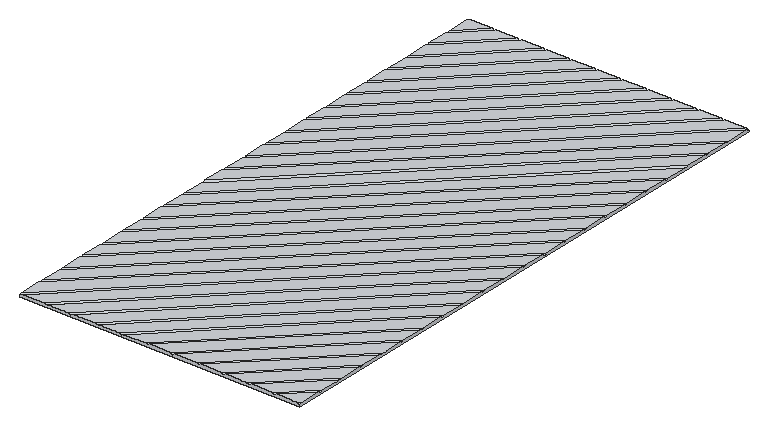
Revit family "J2 PET Felt Engraved Diagonal", category Generic Models, host Face, Revit 2022
Family settings
  Host = Face
  Can host rebar = No
  Round Connector Dimension = Use Diameter
  Part Type = Normal
  Cut with Voids When Loaded = No
  Maintain Annotation Orientation = No
  Shared = No
  Room Calculation Point = No
Parameters
  URL = "https://www.j2systems.net/"
  Symbol Name = "FPEDGL"  # constant formula
  Style Number = "FPEDGL"  # constant formula
  Release Date = "2019"  # constant formula
  Product Line = "Engraved Panels"  # constant formula
  Model = "Diagonal"  # constant formula
  Manufacturer = "J2 Systems"  # constant formula
  Felt color = none
  Default Elevation = 0' - 0"
Reference planes (in)
  plane 1 "Center (Front/Back)": y = 0
  plane 2: z = 0
  plane 3 "Center (Left/Right)": x = 0
Forms (in)
  Extrusion 1, solid, material <- "Felt color"
    sketch origin (0, 0, 0) x (1, 0, 0) y (0, 1, 0)
      loop
        line (0, 0) -> (47, 0) -> (47, 94) -> (0, 94) -> (0, 0)
    from 0 to 0.5
  Sweep 2, void
    path origin (-16.61701, 16.61701, 0) x (0.707107, -0.707107, 0) y (0.707107, 0.707107, 0)
      loop
        line (23.5, -0.25) -> (23.5, 66.75)
    profile origin (23.5113, 23.5113, 0) x (-0.707107, 0.707107, 0) y (0, 0, 1)
      loop
        line (0, 0.25) -> (0.25, 0.5) -> (-0.25, 0.5) -> (0, 0.25)
  Sweep 3, void
    path origin (-16.61701, 20.88974, 0) x (0.707107, -0.707107, 0) y (0.707107, 0.707107, 0)
      loop
        line (23.5, -0.25) -> (23.5, 66.75)
    profile origin (23.5113, 27.78403, 0) x (-0.707107, 0.707107, 0) y (0, 0, 1)
      loop
        line (0, 0.25) -> (0.25, 0.5) -> (-0.25, 0.5) -> (0, 0.25)
  Sweep 4, void
    path origin (-16.61701, 25.16246, 0) x (0.707107, -0.707107, 0) y (0.707107, 0.707107, 0)
      loop
        line (23.5, -0.25) -> (23.5, 66.75)
    profile origin (23.5113, 32.05676, 0) x (-0.707107, 0.707107, 0) y (0, 0, 1)
      loop
        line (0, 0.25) -> (0.25, 0.5) -> (-0.25, 0.5) -> (0, 0.25)
  Sweep 5, void
    path origin (-16.61701, 29.43519, 0) x (0.707107, -0.707107, 0) y (0.707107, 0.707107, 0)
      loop
        line (23.5, -0.25) -> (23.5, 66.75)
    profile origin (23.5113, 36.32948, 0) x (-0.707107, 0.707107, 0) y (0, 0, 1)
      loop
        line (0, 0.25) -> (0.25, 0.5) -> (-0.25, 0.5) -> (0, 0.25)
  Sweep 6, void
    path origin (-16.61701, 33.70792, 0) x (0.707107, -0.707107, 0) y (0.707107, 0.707107, 0)
      loop
        line (23.5, -0.25) -> (23.5, 66.75)
    profile origin (23.5113, 40.60221, 0) x (-0.707107, 0.707107, 0) y (0, 0, 1)
      loop
        line (0, 0.25) -> (0.25, 0.5) -> (-0.25, 0.5) -> (0, 0.25)
  Sweep 7, void
    path origin (-16.61701, 37.98065, 0) x (0.707107, -0.707107, 0) y (0.707107, 0.707107, 0)
      loop
        line (23.5, -0.25) -> (23.5, 66.75)
    profile origin (23.5113, 44.87494, 0) x (-0.707107, 0.707107, 0) y (0, 0, 1)
      loop
        line (0, 0.25) -> (0.25, 0.5) -> (-0.25, 0.5) -> (0, 0.25)
  Sweep 8, void
    path origin (-16.61701, 42.25337, 0) x (0.707107, -0.707107, 0) y (0.707107, 0.707107, 0)
      loop
        line (23.5, -0.25) -> (23.5, 66.75)
    profile origin (23.5113, 49.14766, 0) x (-0.707107, 0.707107, 0) y (0, 0, 1)
      loop
        line (0, 0.25) -> (0.25, 0.5) -> (-0.25, 0.5) -> (0, 0.25)
  Sweep 9, void
    path origin (-16.61701, 46.5261, 0) x (0.707107, -0.707107, 0) y (0.707107, 0.707107, 0)
      loop
        line (23.5, -0.25) -> (23.5, 66.75)
    profile origin (23.5113, 53.42039, 0) x (-0.707107, 0.707107, 0) y (0, 0, 1)
      loop
        line (0, 0.25) -> (0.25, 0.5) -> (-0.25, 0.5) -> (0, 0.25)
  Sweep 10, void
    path origin (-16.61701, 50.79883, 0) x (0.707107, -0.707107, 0) y (0.707107, 0.707107, 0)
      loop
        line (23.5, -0.25) -> (23.5, 66.75)
    profile origin (23.5113, 57.69312, 0) x (-0.707107, 0.707107, 0) y (0, 0, 1)
      loop
        line (0, 0.25) -> (0.25, 0.5) -> (-0.25, 0.5) -> (0, 0.25)
  Sweep 11, void
    path origin (-16.61701, 55.07155, 0) x (0.707107, -0.707107, 0) y (0.707107, 0.707107, 0)
      loop
        line (23.5, -0.25) -> (23.5, 66.75)
    profile origin (23.5113, 61.96585, 0) x (-0.707107, 0.707107, 0) y (0, 0, 1)
      loop
        line (0, 0.25) -> (0.25, 0.5) -> (-0.25, 0.5) -> (0, 0.25)
  Sweep 12, void
    path origin (-16.61701, 59.34428, 0) x (0.707107, -0.707107, 0) y (0.707107, 0.707107, 0)
      loop
        line (23.5, -0.25) -> (23.5, 66.75)
    profile origin (23.5113, 66.23857, 0) x (-0.707107, 0.707107, 0) y (0, 0, 1)
      loop
        line (0, 0.25) -> (0.25, 0.5) -> (-0.25, 0.5) -> (0, 0.25)
  Sweep 13, void
    path origin (-16.61701, 63.61701, 0) x (0.707107, -0.707107, 0) y (0.707107, 0.707107, 0)
      loop
        line (23.5, -0.25) -> (23.5, 66.75)
    profile origin (23.5113, 70.5113, 0) x (-0.707107, 0.707107, 0) y (0, 0, 1)
      loop
        line (0, 0.25) -> (0.25, 0.5) -> (-0.25, 0.5) -> (0, 0.25)
  Sweep 14, void
    path origin (-16.61701, 67.88974, 0) x (0.707107, -0.707107, 0) y (0.707107, 0.707107, 0)
      loop
        line (23.5, -0.25) -> (23.5, 66.75)
    profile origin (23.5113, 74.78403, 0) x (-0.707107, 0.707107, 0) y (0, 0, 1)
      loop
        line (0, 0.25) -> (0.25, 0.5) -> (-0.25, 0.5) -> (0, 0.25)
  Sweep 15, void
    path origin (-16.61701, 72.16246, 0) x (0.707107, -0.707107, 0) y (0.707107, 0.707107, 0)
      loop
        line (23.5, -0.25) -> (23.5, 66.75)
    profile origin (23.5113, 79.05676, 0) x (-0.707107, 0.707107, 0) y (0, 0, 1)
      loop
        line (0, 0.25) -> (0.25, 0.5) -> (-0.25, 0.5) -> (0, 0.25)
  Sweep 16, void
    path origin (-16.61701, 76.43519, 0) x (0.707107, -0.707107, 0) y (0.707107, 0.707107, 0)
      loop
        line (23.5, -0.25) -> (23.5, 66.75)
    profile origin (23.5113, 83.32948, 0) x (-0.707107, 0.707107, 0) y (0, 0, 1)
      loop
        line (0, 0.25) -> (0.25, 0.5) -> (-0.25, 0.5) -> (0, 0.25)
  Sweep 17, void
    path origin (-16.61701, 80.70792, 0) x (0.707107, -0.707107, 0) y (0.707107, 0.707107, 0)
      loop
        line (23.5, -0.25) -> (23.5, 66.75)
    profile origin (23.5113, 87.60221, 0) x (-0.707107, 0.707107, 0) y (0, 0, 1)
      loop
        line (0, 0.25) -> (0.25, 0.5) -> (-0.25, 0.5) -> (0, 0.25)
  Sweep 18, void
    path origin (-16.61701, 84.98065, 0) x (0.707107, -0.707107, 0) y (0.707107, 0.707107, 0)
      loop
        line (23.5, -0.25) -> (23.5, 66.75)
    profile origin (23.5113, 91.87494, 0) x (-0.707107, 0.707107, 0) y (0, 0, 1)
      loop
        line (0, 0.25) -> (0.25, 0.5) -> (-0.25, 0.5) -> (0, 0.25)
  Sweep 19, void
    path origin (-16.61701, 89.25337, 0) x (0.707107, -0.707107, 0) y (0.707107, 0.707107, 0)
      loop
        line (23.5, -0.25) -> (23.5, 66.75)
    profile origin (23.5113, 96.14766, 0) x (-0.707107, 0.707107, 0) y (0, 0, 1)
      loop
        line (0, 0.25) -> (0.25, 0.5) -> (-0.25, 0.5) -> (0, 0.25)
  Sweep 20, void
    path origin (-16.61701, 93.5261, 0) x (0.707107, -0.707107, 0) y (0.707107, 0.707107, 0)
      loop
        line (23.5, -0.25) -> (23.5, 66.75)
    profile origin (23.5113, 100.42039, 0) x (-0.707107, 0.707107, 0) y (0, 0, 1)
      loop
        line (0, 0.25) -> (0.25, 0.5) -> (-0.25, 0.5) -> (0, 0.25)
  Sweep 21, void
    path origin (-16.61701, 97.79883, 0) x (0.707107, -0.707107, 0) y (0.707107, 0.707107, 0)
      loop
        line (23.5, -0.25) -> (23.5, 66.75)
    profile origin (23.5113, 104.69312, 0) x (-0.707107, 0.707107, 0) y (0, 0, 1)
      loop
        line (0, 0.25) -> (0.25, 0.5) -> (-0.25, 0.5) -> (0, 0.25)
  Sweep 22, void
    path origin (-16.61701, 102.07155, 0) x (0.707107, -0.707107, 0) y (0.707107, 0.707107, 0)
      loop
        line (23.5, -0.25) -> (23.5, 66.75)
    profile origin (23.5113, 108.96585, 0) x (-0.707107, 0.707107, 0) y (0, 0, 1)
      loop
        line (0, 0.25) -> (0.25, 0.5) -> (-0.25, 0.5) -> (0, 0.25)
  Sweep 23, void
    path origin (-16.61701, 106.34428, 0) x (0.707107, -0.707107, 0) y (0.707107, 0.707107, 0)
      loop
        line (23.5, -0.25) -> (23.5, 66.75)
    profile origin (23.5113, 113.23857, 0) x (-0.707107, 0.707107, 0) y (0, 0, 1)
      loop
        line (0, 0.25) -> (0.25, 0.5) -> (-0.25, 0.5) -> (0, 0.25)
  Sweep 24, void
    path origin (-16.61701, -30.38299, 0) x (0.707107, -0.707107, 0) y (0.707107, 0.707107, 0)
      loop
        line (23.5, -0.25) -> (23.5, 66.75)
    profile origin (23.5113, -23.4887, 0) x (-0.707107, 0.707107, 0) y (0, 0, 1)
      loop
        line (0, 0.25) -> (0.25, 0.5) -> (-0.25, 0.5) -> (0, 0.25)
  Sweep 25, void
    path origin (-16.61701, -26.11026, 0) x (0.707107, -0.707107, 0) y (0.707107, 0.707107, 0)
      loop
        line (23.5, -0.25) -> (23.5, 66.75)
    profile origin (23.5113, -19.21597, 0) x (-0.707107, 0.707107, 0) y (0, 0, 1)
      loop
        line (0, 0.25) -> (0.25, 0.5) -> (-0.25, 0.5) -> (0, 0.25)
  Sweep 26, void
    path origin (-16.61701, -21.83754, 0) x (0.707107, -0.707107, 0) y (0.707107, 0.707107, 0)
      loop
        line (23.5, -0.25) -> (23.5, 66.75)
    profile origin (23.5113, -14.94324, 0) x (-0.707107, 0.707107, 0) y (0, 0, 1)
      loop
        line (0, 0.25) -> (0.25, 0.5) -> (-0.25, 0.5) -> (0, 0.25)
  Sweep 27, void
    path origin (-16.61701, -17.56481, 0) x (0.707107, -0.707107, 0) y (0.707107, 0.707107, 0)
      loop
        line (23.5, -0.25) -> (23.5, 66.75)
    profile origin (23.5113, -10.67052, 0) x (-0.707107, 0.707107, 0) y (0, 0, 1)
      loop
        line (0, 0.25) -> (0.25, 0.5) -> (-0.25, 0.5) -> (0, 0.25)
  Sweep 28, void
    path origin (-16.61701, -13.29208, 0) x (0.707107, -0.707107, 0) y (0.707107, 0.707107, 0)
      loop
        line (23.5, -0.25) -> (23.5, 66.75)
    profile origin (23.5113, -6.39779, 0) x (-0.707107, 0.707107, 0) y (0, 0, 1)
      loop
        line (0, 0.25) -> (0.25, 0.5) -> (-0.25, 0.5) -> (0, 0.25)
  Sweep 29, void
    path origin (-16.61701, -9.01935, 0) x (0.707107, -0.707107, 0) y (0.707107, 0.707107, 0)
      loop
        line (23.5, -0.25) -> (23.5, 66.75)
    profile origin (23.5113, -2.12506, 0) x (-0.707107, 0.707107, 0) y (0, 0, 1)
      loop
        line (0, 0.25) -> (0.25, 0.5) -> (-0.25, 0.5) -> (0, 0.25)
  Sweep 30, void
    path origin (-16.61701, -4.74663, 0) x (0.707107, -0.707107, 0) y (0.707107, 0.707107, 0)
      loop
        line (23.5, -0.25) -> (23.5, 66.75)
    profile origin (23.5113, 2.14766, 0) x (-0.707107, 0.707107, 0) y (0, 0, 1)
      loop
        line (0, 0.25) -> (0.25, 0.5) -> (-0.25, 0.5) -> (0, 0.25)
  Sweep 31, void
    path origin (-16.61701, -0.4739, 0) x (0.707107, -0.707107, 0) y (0.707107, 0.707107, 0)
      loop
        line (23.5, -0.25) -> (23.5, 66.75)
    profile origin (23.5113, 6.42039, 0) x (-0.707107, 0.707107, 0) y (0, 0, 1)
      loop
        line (0, 0.25) -> (0.25, 0.5) -> (-0.25, 0.5) -> (0, 0.25)
  Sweep 32, void
    path origin (-16.61701, 3.79883, 0) x (0.707107, -0.707107, 0) y (0.707107, 0.707107, 0)
      loop
        line (23.5, -0.25) -> (23.5, 66.75)
    profile origin (23.5113, 10.69312, 0) x (-0.707107, 0.707107, 0) y (0, 0, 1)
      loop
        line (0, 0.25) -> (0.25, 0.5) -> (-0.25, 0.5) -> (0, 0.25)
  Sweep 33, void
    path origin (-16.61701, 8.07155, 0) x (0.707107, -0.707107, 0) y (0.707107, 0.707107, 0)
      loop
        line (23.5, -0.25) -> (23.5, 66.75)
    profile origin (23.5113, 14.96585, 0) x (-0.707107, 0.707107, 0) y (0, 0, 1)
      loop
        line (0, 0.25) -> (0.25, 0.5) -> (-0.25, 0.5) -> (0, 0.25)
  Sweep 34, void
    path origin (-16.61701, 12.34428, 0) x (0.707107, -0.707107, 0) y (0.707107, 0.707107, 0)
      loop
        line (23.5, -0.25) -> (23.5, 66.75)
    profile origin (23.5113, 19.23857, 0) x (-0.707107, 0.707107, 0) y (0, 0, 1)
      loop
        line (0, 0.25) -> (0.25, 0.5) -> (-0.25, 0.5) -> (0, 0.25)
  Sweep 35, void
    path origin (-16.61701, 110.61701, 0) x (0.707107, -0.707107, 0) y (0.707107, 0.707107, 0)
      loop
        line (23.5, -0.25) -> (23.5, 66.75)
    profile origin (23.5113, 117.5113, 0) x (-0.707107, 0.707107, 0) y (0, 0, 1)
      loop
        line (0, 0.25) -> (0.25, 0.5) -> (-0.25, 0.5) -> (0, 0.25)
Cuts and joins
  Sweep 2, Sweep 3, Sweep 4, Sweep 5, Sweep 6, Sweep 7, Sweep 8, Sweep 9, Sweep 10, Sweep 11, Sweep 12, Sweep 13, Sweep 14, Sweep 15, Sweep 16, Sweep 17, Sweep 18, Sweep 19, Sweep 20, Sweep 21, Sweep 22, Sweep 23, Sweep 24, Sweep 25, Sweep 26, Sweep 27, Sweep 28, Sweep 29, Sweep 30, Sweep 31, Sweep 32, Sweep 33, Sweep 34, Sweep 35 cuts Extrusion 1
Dimensions and locks (in)
  aligned and locked: host face to plane 2
  aligned and locked: level to host face
